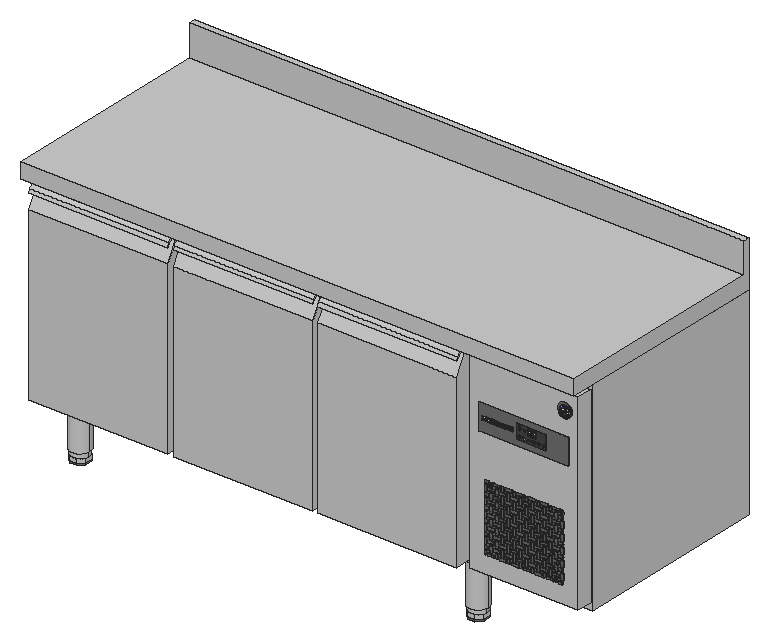
Revit family "QF_HOSHIZAKI_899020844", category Specialty Equipment, Revit 2016 (continued)
Definition of nested family "QF_HOSHIZAKI_ADVANCE_REF-COUNTER-DOORS-DRAWERS"
  Definition of nested family "Left_Door"
    Automatic sketch dimensions
      plane 5 "Front" to Extrusion 2 sketch curve = 6 mm  (x2)
      Extrusion 2 sketch curve to Extrusion 2 sketch curve = 1.798 mm
      plane 5 "Front" to Extrusion 2 sketch curve = 11.222 mm
      Extrusion 2 sketch curve to Extrusion 2 sketch curve = 11.684 mm
      Extrusion 2 sketch curve to Extrusion 2 sketch curve = 18.812 mm
      Extrusion 2 sketch curve to plane 7 "Front door" = 11 mm
      Extrusion 2 sketch curve to plane 10 = 66.98 mm
      Extrusion 2 sketch curve to plane 10 = 20.008 mm
      Extrusion 2 sketch curve to Extrusion 2 sketch curve = 0.877 mm  (x2)
  Definition of nested family "3_Drawers_1-3"
    Parameters (values of type "3 Drawers 1-3")
      Worktop thickness [instance] = 50 mm
      URL = "www.specifiglobal.com"
      Section size [instance] = 446 mm
      Model = ""
      Manufacturer = "DEMO CONSULTANT"
      Legs height [instance] = 150 mm
      Height Actual [instance] = 850 mm
      Description = ""
      Depth Actual [instance] = 700 mm
      Assembly Code = "E1090320"
      3 Drawers = yes
    Reference planes
      plane 1 "Back": y = 0
      plane 2: z = 0
      plane 3 "Left": x = 0
      plane 4 "Right": x = 446
      plane 5 "Front": y = -700
      plane 6 "Top": z = 850
      plane 7 "Front door": y = -633
      plane 8 "Bottom shelf": z = 150
      plane 9 "Worktop bottom": z = 800
      plane 10: z = 784
      plane 11: z = 170
      plane 12: z = 584
      plane 13: z = 577
      plane 14: z = 370
      plane 15: z = 377
      plane 16: z = 580.5
      plane 17: z = 373.5
      plane 18: z = 166.5
      plane 19: z = 787.5
    Forms (mm)
      Extrusion 1, solid, visible <- "3 Drawers"
        sketch origin (860, -633, 4000) x (-1, 0, 0) y (0, 0, 1)
          loop
            line (852, -3224) -> (422, -3224) -> (422, -3408) -> (852, -3408) -> (852, -3224)
          loop
            line (823, -3253) -> (451, -3253) -> (451, -3379) -> (823, -3379) -> (823, -3253)
        from 0 to -11
      Extrusion 2, solid, visible <- "3 Drawers"
        sketch origin (0, 0, 0) x (0, 1, 0) y (0, 0, 1)
          loop
            line (-644, 784) -> (-675.296, 784)
            arc (-675.296, 784) -> (-683.245, 781.721) -> (-688.778, 775.576) r 15
            line (-688.778, 775.576) -> (-694, 764.869) -> (-692.202, 763.992) -> (-686.981, 774.699)
            arc (-686.981, 774.699) -> (-682.185, 780.025) -> (-675.296, 782) r 13
            line (-675.296, 782) -> (-656.484, 782) -> (-694, 717.02) -> (-694, 584) -> (-644, 584) -> (-644, 784)
        from 0 to 446
      Extrusion 3, solid, visible <- "3 Drawers"
        sketch origin (0, 0, -237.3) x (0, 1, 0) y (0, 0, 1)
          loop
            line (-644, 814.3) -> (-675.296, 814.3)
            arc (-675.296, 814.3) -> (-683.245, 812.021) -> (-688.778, 805.876) r 15
            line (-688.778, 805.876) -> (-694, 795.169) -> (-692.202, 794.292) -> (-686.981, 804.999)
            arc (-686.981, 804.999) -> (-682.185, 810.325) -> (-675.296, 812.3) r 13
            line (-675.296, 812.3) -> (-656.484, 812.3) -> (-694, 747.32) -> (-694, 614.3) -> (-644, 614.3) -> (-644, 814.3)
        from 0 to 446
      Extrusion 4, solid, visible <- "3 Drawers"
        sketch origin (0, 0, -463.333) x (0, 1, 0) y (0, 0, 1)
          loop
            line (-644, 833.333) -> (-675.296, 833.333)
            arc (-675.296, 833.333) -> (-683.245, 831.054) -> (-688.778, 824.909) r 15
            line (-688.778, 824.909) -> (-694, 814.202) -> (-692.202, 813.326) -> (-686.981, 824.032)
            arc (-686.981, 824.032) -> (-682.185, 829.358) -> (-675.296, 831.333) r 13
            line (-675.296, 831.333) -> (-656.484, 831.333) -> (-694, 766.353) -> (-694, 633.333) -> (-644, 633.333) -> (-644, 833.333)
        from 0 to 446
      Extrusion 5, solid, visible <- "3 Drawers"
        sketch origin (860, -633, 3773.7) x (-1, 0, 0) y (0, 0, 1)
          loop
            line (852, -3204.7) -> (422, -3204.7) -> (422, -3388.7) -> (852, -3388.7) -> (852, -3204.7)
          loop
            line (823, -3233.7) -> (451, -3233.7) -> (451, -3359.7) -> (823, -3359.7) -> (823, -3233.7)
        from 0 to -11
      Extrusion 6, solid, visible <- "3 Drawers"
        sketch origin (860, -633, 3547) x (-1, 0, 0) y (0, 0, 1)
          loop
            line (852, -3185) -> (422, -3185) -> (422, -3369) -> (852, -3369) -> (852, -3185)
          loop
            line (823, -3214) -> (451, -3214) -> (451, -3340) -> (823, -3340) -> (823, -3214)
        from 0 to -11
      Extrusion 7, solid, visible <- "3 Drawers", detail levels coarse
        sketch origin (0, -608.657, 584) x (0, 1, 0) y (-1, 0, 0)
          loop
            line (-85.343, 0) -> (-551.343, 0) -> (-551.343, -446) -> (-85.343, -446) -> (-85.343, 0)
        from 0 to 200
      Extrusion 8, solid, visible <- "3 Drawers", detail levels coarse
        sketch origin (0, -503.657, 377) x (0, 1, 0) y (-1, 0, 0)
          loop
            line (-190.343, 0) -> (-656.343, 0) -> (-656.343, -446) -> (-190.343, -446) -> (-190.343, 0)
        from 0 to 200
      Extrusion 9, solid, visible <- "3 Drawers", detail levels coarse
        sketch origin (0, -343.657, 170) x (0, 1, 0) y (-1, 0, 0)
          loop
            line (-350.343, 0) -> (-816.343, 0) -> (-816.343, -446) -> (-350.343, -446) -> (-350.343, 0)
        from 0 to 200
    Lines and regions (mm)
      symbolic lines, visible <- "3 Drawers"
        curve 1: line (0, -808, 850) -> (0, -854, 850)
        curve 2: line (0, -854, 850) -> (446, -854, 850)
        curve 3: line (446, -854, 850) -> (446, -808, 850)
        curve 4: line (446, -808, 850) -> (0, -808, 850)
        curve 5: line (416, -808, 850) -> (416, -700, 850)
        curve 6: line (30, -808, 850) -> (30, -700, 850)
        curve 7: line (0, -961, 850) -> (0, -1007, 850)
        curve 8: line (0, -1007, 850) -> (446, -1007, 850)
        curve 9: line (446, -1007, 850) -> (446, -961, 850)
        curve 10: line (446, -961, 850) -> (0, -961, 850)
        curve 11: line (416, -961, 850) -> (416, -854, 850)
        curve 12: line (30, -961, 850) -> (30, -854, 850)
        curve 13: line (0, -1114, 850) -> (0, -1160, 850)
        curve 14: line (0, -1160, 850) -> (446, -1160, 850)
        curve 15: line (446, -1160, 850) -> (446, -1114, 850)
        curve 16: line (446, -1114, 850) -> (0, -1114, 850)
        curve 17: line (416, -1114, 850) -> (416, -1007, 850)
        curve 18: line (30, -1114, 850) -> (30, -1007, 850)
    Dimensions and locks
      "Section size": plane 3 "Left" to plane 4 "Right"
      "Depth Actual": plane 5 "Front" to plane 1 "Back"
      "Height Actual": plane 6 "Top" to level
      locked: plane 7 "Front door" to plane 5 "Front" at 67
      "Legs height": plane 8 "Bottom shelf" to plane 2
      "Worktop thickness": plane 6 "Top" to plane 9 "Worktop bottom"
      locked: plane 11 to plane 8 "Bottom shelf" at 20
      locked: plane 9 "Worktop bottom" to plane 10 at 16
      locked: plane 12 to plane 13 at 7
      locked: plane 15 to plane 14 at 7
      locked: plane 11 to plane 18 at 3.5
      equal spacing: plane 12, plane 16, plane 13
      equal spacing: plane 15, plane 17, plane 14
      locked: plane 19 to plane 10 at 3.5
      equal spacing: plane 19, plane 16, plane 17, plane 18
      aligned and locked: level to plane 2
      aligned and locked: Extrusion 2 to plane 4 "Right"
      aligned and locked: Extrusion 3 to plane 4 "Right"
      aligned and locked: Extrusion 4 to plane 4 "Right"
      aligned and locked: plane 4 "Right" to Extrusion 7 sketch curve
      aligned and locked: plane 3 "Left" to Extrusion 7 sketch curve
      aligned and locked: Extrusion 7 to plane 10
      aligned and locked: Extrusion 8 to plane 13
      aligned and locked: Extrusion 9 to plane 14
      aligned and locked: plane 10 to Extrusion 2 sketch curve
      aligned and locked: Extrusion 2 sketch curve to plane 12
      aligned and locked: Extrusion 3 sketch curve to plane 15
      aligned and locked: plane 13 to Extrusion 3 sketch curve
    Automatic sketch dimensions
      plane 4 "Right" to Extrusion 1 sketch curve = 8 mm
      plane 4 "Right" to Extrusion 1 sketch curve = 37 mm
      plane 3 "Left" to Extrusion 1 sketch curve = 37 mm
      plane 3 "Left" to Extrusion 1 sketch curve = 8 mm
      plane 12 to Extrusion 1 sketch curve = 8 mm
      plane 12 to Extrusion 1 sketch curve = 37 mm
      Extrusion 1 sketch curve to plane 10 = 37 mm
      Extrusion 1 sketch curve to plane 10 = 8 mm
      plane 4 "Right" to Extrusion 5 sketch curve = 8 mm
      plane 4 "Right" to Extrusion 5 sketch curve = 37 mm
      plane 3 "Left" to Extrusion 5 sketch curve = 37 mm
      plane 3 "Left" to Extrusion 5 sketch curve = 8 mm
      plane 15 to Extrusion 5 sketch curve = 8 mm
      plane 15 to Extrusion 5 sketch curve = 37 mm
      Extrusion 5 sketch curve to plane 13 = 37 mm
      Extrusion 5 sketch curve to plane 13 = 8 mm
      plane 4 "Right" to Extrusion 6 sketch curve = 8 mm
      plane 4 "Right" to Extrusion 6 sketch curve = 37 mm
      plane 3 "Left" to Extrusion 6 sketch curve = 37 mm
      plane 3 "Left" to Extrusion 6 sketch curve = 8 mm
      plane 11 to Extrusion 6 sketch curve = 8 mm
      plane 11 to Extrusion 6 sketch curve = 37 mm
      Extrusion 6 sketch curve to plane 14 = 37 mm
      Extrusion 6 sketch curve to plane 14 = 8 mm
      Extrusion 7 sketch curve to plane 5 "Front" = 460 mm
      plane 5 "Front" to Extrusion 7 sketch curve = 6 mm
      Extrusion 8 sketch curve to plane 3 "Left" = 0 mm
      Extrusion 8 sketch curve to plane 4 "Right" = 0 mm
      Extrusion 8 sketch curve to plane 5 "Front" = 460 mm
      plane 5 "Front" to Extrusion 8 sketch curve = 6 mm
      Extrusion 9 sketch curve to plane 3 "Left" = 0 mm
      Extrusion 9 sketch curve to plane 4 "Right" = 0 mm
      Extrusion 9 sketch curve to plane 5 "Front" = 460 mm
      plane 5 "Front" to Extrusion 9 sketch curve = 6 mm
      curve 13 to plane 3 "Left" = 0 mm
      curve 14 to plane 4 "Right" = 0 mm
      curve 7 to plane 3 "Left" = 0 mm
      curve 8 to plane 4 "Right" = 0 mm
      curve 1 to plane 3 "Left" = 0 mm
      curve 3 to plane 4 "Right" = 0 mm
      curve 6 to plane 5 "Front" = 0 mm
      curve 5 to plane 5 "Front" = 0 mm
      curve 1 to plane 5 "Front" = 108 mm
      curve 2 to curve 3 = 46 mm
      curve 7 to curve 1 = 107 mm
      curve 9 to curve 9 = 46 mm
      curve 16 to curve 7 = 107 mm
      curve 14 to curve 13 = 46 mm
      curve 8 to curve 17 = 30 mm
      curve 9 to curve 11 = 30 mm
      curve 3 to curve 5 = 30 mm
      plane 3 "Left" to curve 6 = 30 mm
      plane 3 "Left" to curve 18 = 30 mm
      plane 3 "Left" to curve 12 = 30 mm
      Extrusion 2 sketch curve to Extrusion 2 sketch curve = 0 mm  (x3)
      plane 5 "Front" to Extrusion 2 sketch curve = 6 mm  (x2)
      Extrusion 2 sketch curve to Extrusion 2 sketch curve = 1.798 mm  (x2)
      Extrusion 2 sketch curve to Extrusion 2 sketch curve = 11.684 mm
      plane 5 "Front" to Extrusion 2 sketch curve = 43.516 mm
      plane 5 "Front" to Extrusion 2 sketch curve = 56 mm
      Extrusion 2 sketch curve to plane 10 = 66.98 mm
      Extrusion 3 sketch curve to Extrusion 3 sketch curve = 0 mm  (x4)
      Extrusion 3 sketch curve to Extrusion 3 sketch curve = 1.798 mm  (x2)
      plane 5 "Front" to Extrusion 3 sketch curve = 11.222 mm
      Extrusion 3 sketch curve to Extrusion 3 sketch curve = 18.812 mm
      Extrusion 3 sketch curve to plane 7 "Front door" = 11 mm
      Extrusion 3 sketch curve to Extrusion 3 sketch curve = 46.972 mm
      Extrusion 4 sketch curve to Extrusion 4 sketch curve = 0 mm  (x2)
      Extrusion 4 sketch curve to plane 11 = 0 mm
      Extrusion 4 sketch curve to plane 14 = 0 mm
      Extrusion 4 sketch curve to plane 7 "Front door" = 61 mm  (x2)
      Extrusion 4 sketch curve to Extrusion 4 sketch curve = 1.798 mm  (x2)
      Extrusion 4 sketch curve to plane 14 = 8.424 mm
      Extrusion 4 sketch curve to Extrusion 4 sketch curve = 5.222 mm
      Extrusion 4 sketch curve to plane 14 = 9.301 mm
      Extrusion 4 sketch curve to plane 7 "Front door" = 42.296 mm
      Extrusion 4 sketch curve to plane 7 "Front door" = 23.484 mm
      Extrusion 4 sketch curve to plane 7 "Front door" = 11 mm
      Extrusion 4 sketch curve to Extrusion 4 sketch curve = 46.972 mm
      plane 5 "Front" to Extrusion 2 sketch curve = 11.222 mm
      plane 5 "Front" to Extrusion 3 sketch curve = 7.798 mm
      plane 5 "Front" to Extrusion 3 sketch curve = 6 mm
      Extrusion 3 sketch curve to Extrusion 3 sketch curve = 11.684 mm
      Extrusion 3 sketch curve to Extrusion 3 sketch curve = 66.98 mm
      Extrusion 3 sketch curve to Extrusion 3 sketch curve = 0.877 mm
      Extrusion 2 sketch curve to plane 10 = 20.008 mm
      Extrusion 2 sketch curve to Extrusion 2 sketch curve = 0.877 mm
  Definition of nested family "2_Drawers_1-2"
    Parameters (values of type "2 Drawers 1-2")
      Worktop thickness [instance] = 50 mm
      URL = "www.specifiglobal.com"
      Section size [instance] = 446 mm
      Model = ""
      Manufacturer = "DEMO CONSULTANT"
      Legs height [instance] = 150 mm
      Height Actual [instance] = 850 mm
      Description = ""
      Depth Actual [instance] = 700 mm
      Assembly Code = "E1090320"
      2 Drawers = yes
    Reference planes
      plane 1 "Back": y = 0
      plane 2: z = 0
      plane 3 "Left": x = 0
      plane 4 "Right": x = 446
      plane 5 "Front": y = -700
      plane 6 "Top": z = 850
      plane 7 "Front door": y = -633
      plane 8 "Bottom shelf": z = 150
      plane 9 "Worktop bottom": z = 800
      plane 10: z = 784
      plane 11: z = 170
      plane 12: z = 481
      plane 13: z = 473
      plane 14: z = 477
      plane 15: z = 792
      plane 16: z = 160
    Forms (mm)
      Extrusion 1, solid, visible <- "2 Drawers"
        sketch origin (860, -633, 4000) x (-1, 0, 0) y (0, 0, 1)
          loop
            line (852, -3224) -> (422, -3224) -> (422, -3511) -> (852, -3511) -> (852, -3224)
          loop
            line (823, -3253) -> (451, -3253) -> (451, -3482) -> (823, -3482) -> (823, -3253)
        from 0 to -11
      Extrusion 2, solid, visible <- "2 Drawers"
        sketch origin (0, 0, 0) x (0, 1, 0) y (0, 0, 1)
          loop
            line (-644, 784) -> (-675.296, 784)
            arc (-675.296, 784) -> (-683.245, 781.721) -> (-688.778, 775.576) r 15
            line (-688.778, 775.576) -> (-694, 764.869) -> (-692.202, 763.992) -> (-686.981, 774.699)
            arc (-686.981, 774.699) -> (-682.185, 780.025) -> (-675.296, 782) r 13
            line (-675.296, 782) -> (-656.484, 782) -> (-694, 717.02) -> (-694, 481) -> (-644, 481) -> (-644, 784)
        from 0 to 446
      Extrusion 3, solid, visible <- "2 Drawers"
        sketch origin (0, 0, -463.333) x (0, 1, 0) y (0, 0, 1)
          loop
            line (-644, 936.333) -> (-675.296, 936.333)
            arc (-675.296, 936.333) -> (-683.245, 934.054) -> (-688.778, 927.909) r 15
            line (-688.778, 927.909) -> (-694, 917.202) -> (-692.202, 916.326) -> (-686.981, 927.032)
            arc (-686.981, 927.032) -> (-682.185, 932.358) -> (-675.296, 934.333) r 13
            line (-675.296, 934.333) -> (-656.484, 934.333) -> (-694, 869.353) -> (-694, 633.333) -> (-644, 633.333) -> (-644, 936.333)
        from 0 to 446
      Extrusion 4, solid, visible <- "2 Drawers"
        sketch origin (860, -633, 3547) x (-1, 0, 0) y (0, 0, 1)
          loop
            line (852, -3082) -> (422, -3082) -> (422, -3369) -> (852, -3369) -> (852, -3082)
          loop
            line (823, -3111) -> (451, -3111) -> (451, -3340) -> (823, -3340) -> (823, -3111)
        from 0 to -11
      Extrusion 5, solid, visible <- "2 Drawers", detail levels coarse
        sketch origin (0, -608.657, 481) x (0, 1, 0) y (-1, 0, 0)
          loop
            line (-85.343, 0) -> (-551.343, 0) -> (-551.343, -446) -> (-85.343, -446) -> (-85.343, 0)
        from 0 to 303
      Extrusion 6, solid, visible <- "2 Drawers", detail levels coarse
        sketch origin (0, -343.657, 170) x (0, 1, 0) y (-1, 0, 0)
          loop
            line (-350.343, 0) -> (-816.343, 0) -> (-816.343, -446) -> (-350.343, -446) -> (-350.343, 0)
        from 0 to 303
    Lines and regions (mm)
      symbolic lines, visible <- "2 Drawers"
        curve 1: line (0, -884, 850) -> (0, -930, 850)
        curve 2: line (0, -930, 850) -> (446, -930, 850)
        curve 3: line (446, -930, 850) -> (446, -884, 850)
        curve 4: line (446, -884, 850) -> (0, -884, 850)
        curve 5: line (416, -884, 850) -> (416, -700, 850)
        curve 6: line (30, -884, 850) -> (30, -700, 850)
        curve 7: line (0, -1114, 850) -> (0, -1160, 850)
        curve 8: line (0, -1160, 850) -> (446, -1160, 850)
        curve 9: line (446, -1160, 850) -> (446, -1114, 850)
        curve 10: line (446, -1114, 850) -> (0, -1114, 850)
        curve 11: line (416, -1114, 850) -> (416, -930, 850)
        curve 12: line (30, -1114, 850) -> (30, -930, 850)
    Dimensions and locks
      "Section size": plane 3 "Left" to plane 4 "Right"
      "Depth Actual": plane 5 "Front" to plane 1 "Back"
      "Height Actual": plane 6 "Top" to level
      locked: plane 7 "Front door" to plane 5 "Front" at 67
      "Legs height": plane 8 "Bottom shelf" to plane 2
      "Worktop thickness": plane 6 "Top" to plane 9 "Worktop bottom"
      locked: plane 11 to plane 8 "Bottom shelf" at 20
      locked: plane 9 "Worktop bottom" to plane 10 at 16
      equal spacing: plane 9 "Worktop bottom", plane 15, plane 10
      equal spacing: plane 11, plane 16, plane 8 "Bottom shelf"
      plane 12 to plane 13 = 8 mm
      equal spacing: plane 12, plane 14, plane 13
      equal spacing: plane 10, plane 14, plane 11
      aligned and locked: level to plane 2
      aligned and locked: Extrusion 2 to plane 4 "Right"
      aligned and locked: Extrusion 3 to plane 4 "Right"
      aligned and locked: plane 4 "Right" to Extrusion 5 sketch curve
      aligned and locked: plane 3 "Left" to Extrusion 5 sketch curve
      aligned and locked: Extrusion 5 to plane 10
      aligned and locked: Extrusion 6 to plane 13
      aligned and locked: Extrusion 2 sketch curve to plane 12
      aligned and locked: plane 10 to Extrusion 2 sketch curve
      aligned and locked: Extrusion 3 sketch curve to plane 11
      aligned and locked: plane 13 to Extrusion 3 sketch curve
    Automatic sketch dimensions
      plane 4 "Right" to Extrusion 1 sketch curve = 8 mm
      plane 4 "Right" to Extrusion 1 sketch curve = 37 mm
      plane 3 "Left" to Extrusion 1 sketch curve = 37 mm
      plane 3 "Left" to Extrusion 1 sketch curve = 8 mm
      plane 12 to Extrusion 1 sketch curve = 8 mm
      plane 12 to Extrusion 1 sketch curve = 37 mm
      Extrusion 1 sketch curve to plane 10 = 37 mm
      Extrusion 1 sketch curve to plane 10 = 8 mm
      plane 4 "Right" to Extrusion 4 sketch curve = 8 mm
      plane 4 "Right" to Extrusion 4 sketch curve = 37 mm
      plane 3 "Left" to Extrusion 4 sketch curve = 37 mm
      plane 3 "Left" to Extrusion 4 sketch curve = 8 mm
      plane 11 to Extrusion 4 sketch curve = 8 mm
      plane 11 to Extrusion 4 sketch curve = 37 mm
      Extrusion 4 sketch curve to plane 13 = 37 mm
      Extrusion 4 sketch curve to plane 13 = 8 mm
      Extrusion 5 sketch curve to plane 5 "Front" = 460 mm
      plane 5 "Front" to Extrusion 5 sketch curve = 6 mm
      Extrusion 6 sketch curve to plane 3 "Left" = 0 mm
      Extrusion 6 sketch curve to plane 4 "Right" = 0 mm
      Extrusion 6 sketch curve to plane 5 "Front" = 460 mm
      plane 5 "Front" to Extrusion 6 sketch curve = 6 mm
      curve 8 to plane 3 "Left" = 0 mm
      curve 8 to plane 4 "Right" = 0 mm
      curve 3 to plane 4 "Right" = 0 mm
      curve 1 to plane 3 "Left" = 0 mm
      curve 5 to plane 5 "Front" = 0 mm
      curve 6 to plane 5 "Front" = 0 mm
      curve 4 to plane 5 "Front" = 184 mm
      curve 2 to curve 1 = 46 mm
      curve 7 to curve 1 = 184 mm
      curve 9 to curve 9 = 46 mm
      plane 4 "Right" to curve 5 = 30 mm
      plane 4 "Right" to curve 11 = 30 mm
      plane 3 "Left" to curve 12 = 30 mm
      plane 3 "Left" to curve 6 = 30 mm
      Extrusion 2 sketch curve to Extrusion 2 sketch curve = 0 mm  (x2)
      plane 5 "Front" to Extrusion 2 sketch curve = 6 mm  (x2)
      Extrusion 2 sketch curve to Extrusion 2 sketch curve = 1.798 mm  (x2)
      Extrusion 2 sketch curve to Extrusion 2 sketch curve = 5.222 mm
      plane 5 "Front" to Extrusion 2 sketch curve = 24.704 mm
      plane 5 "Front" to Extrusion 2 sketch curve = 43.516 mm
      plane 5 "Front" to Extrusion 2 sketch curve = 56 mm
      Extrusion 2 sketch curve to Extrusion 2 sketch curve = 46.972 mm
      Extrusion 2 sketch curve to Extrusion 2 sketch curve = 0.877 mm
      Extrusion 2 sketch curve to Extrusion 2 sketch curve = 5.699 mm
      plane 5 "Front" to Extrusion 3 sketch curve = 6 mm  (x2)
      Extrusion 3 sketch curve to Extrusion 3 sketch curve = 1.798 mm  (x2)
      Extrusion 3 sketch curve to Extrusion 3 sketch curve = 5.222 mm
      Extrusion 3 sketch curve to Extrusion 3 sketch curve = 11.684 mm
      plane 5 "Front" to Extrusion 3 sketch curve = 43.516 mm
      plane 5 "Front" to Extrusion 3 sketch curve = 56 mm
      Extrusion 3 sketch curve to Extrusion 3 sketch curve = 46.972 mm
      Extrusion 3 sketch curve to Extrusion 3 sketch curve = 0 mm  (x2)
      Extrusion 3 sketch curve to Extrusion 3 sketch curve = 5.699 mm
      Extrusion 3 sketch curve to Extrusion 3 sketch curve = 0.877 mm
  Definition of nested family "3_Drawers_1-3_2-3"
    Parameters (values of type "2 Drawers 1-3 and 2-3")
      Worktop thickness [instance] = 40 mm
      URL = "www.specifiglobal.com"
      Section size [instance] = 421 mm
      Model = ""
      Manufacturer = "DEMO CONSULTANT"
      Legs height [instance] = 150 mm
      Height Actual [instance] = 900 mm
      Description = ""
      Depth Actual [instance] = 700 mm
      Assembly Code = "E1090320"
      2 Drawers 1-3 and 2-3 = yes
    Reference planes
      plane 1 "Back": y = 0
      plane 2: z = 0
      plane 3 "Left": x = 0
      plane 4 "Right": x = 421
      plane 5 "Front": y = -700
      plane 6 "Top": z = 900
      plane 7 "Front door": y = -633
      plane 8 "Bottom shelf": z = 150
      plane 9 "Worktop bottom": z = 860
      plane 10: z = 841
      plane 11: z = 186
      plane 12: z = 627
      plane 13: z = 620
      plane 14: z = 623.5
      plane 15: z = 850.5
      plane 16: z = 168
    Forms (mm)
      Extrusion 1, solid, visible <- "2 Drawers 1-3 and 2-3"
        sketch origin (860, -633, 4000) x (-1, 0, 0) y (0, 0, 1)
          loop
            line (852, -3167) -> (447, -3167) -> (447, -3365) -> (852, -3365) -> (852, -3167)
          loop
            line (823, -3196) -> (476, -3196) -> (476, -3336) -> (823, -3336) -> (823, -3196)
        from 0 to -11
      Extrusion 2, solid, visible <- "2 Drawers 1-3 and 2-3"
        sketch origin (0, 0, 0) x (0, 1, 0) y (0, 0, 1)
          loop
            line (-644, 841) -> (-675.296, 841)
            arc (-675.296, 841) -> (-683.245, 838.721) -> (-688.778, 832.576) r 15
            line (-688.778, 832.576) -> (-694, 821.869) -> (-692.202, 820.992) -> (-686.981, 831.699)
            arc (-686.981, 831.699) -> (-682.185, 837.025) -> (-675.296, 839) r 13
            line (-675.296, 839) -> (-656.484, 839) -> (-694, 774.02) -> (-694, 627) -> (-644, 627) -> (-644, 841)
        from 0 to 421
      Extrusion 3, solid, visible <- "2 Drawers 1-3 and 2-3"
        sketch origin (0, 0, -463.333) x (0, 1, 0) y (0, 0, 1)
          loop
            line (-644, 1083.333) -> (-675.296, 1083.333)
            arc (-675.296, 1083.333) -> (-683.245, 1081.054) -> (-688.778, 1074.909) r 15
            line (-688.778, 1074.909) -> (-694, 1064.202) -> (-692.202, 1063.326) -> (-686.981, 1074.032)
            arc (-686.981, 1074.032) -> (-682.185, 1079.358) -> (-675.296, 1081.333) r 13
            line (-675.296, 1081.333) -> (-656.484, 1081.333) -> (-694, 1016.353) -> (-694, 649.333) -> (-644, 649.333) -> (-644, 1083.333)
        from 0 to 421
      Extrusion 4, solid, visible <- "2 Drawers 1-3 and 2-3"
        sketch origin (860, -633, 3547) x (-1, 0, 0) y (0, 0, 1)
          loop
            line (852, -2935) -> (447, -2935) -> (447, -3353) -> (852, -3353) -> (852, -2935)
          loop
            line (823, -2964) -> (476, -2964) -> (476, -3324) -> (823, -3324) -> (823, -2964)
        from 0 to -11
      Extrusion 5, solid, visible <- "2 Drawers 1-3 and 2-3", detail levels coarse
        sketch origin (0, -608.657, 627) x (0, 1, 0) y (-1, 0, 0)
          loop
            line (-85.343, 0) -> (-551.343, 0) -> (-551.343, -421) -> (-85.343, -421) -> (-85.343, 0)
        from 0 to 214
      Extrusion 6, solid, visible <- "2 Drawers 1-3 and 2-3", detail levels coarse
        sketch origin (0, -343.657, 186) x (0, 1, 0) y (-1, 0, 0)
          loop
            line (-350.343, 0) -> (-816.343, 0) -> (-816.343, -421) -> (-350.343, -421) -> (-350.343, 0)
        from 0 to 434
    Lines and regions (mm)
      symbolic lines, visible <- "2 Drawers 1-3 and 2-3"
        curve 1: line (0, -804, 900) -> (0, -850, 900)
        curve 2: line (0, -850, 900) -> (421, -850, 900)
        curve 3: line (421, -850, 900) -> (421, -804, 900)
        curve 4: line (421, -804, 900) -> (0, -804, 900)
        curve 5: line (391, -804, 900) -> (391, -700, 900)
        curve 6: line (30, -804, 900) -> (30, -700, 900)
        curve 7: line (0, -1114, 900) -> (0, -1160, 900)
        curve 8: line (0, -1160, 900) -> (421, -1160, 900)
        curve 9: line (421, -1160, 900) -> (421, -1114, 900)
        curve 10: line (421, -1114, 900) -> (0, -1114, 900)
        curve 11: line (391, -1114, 900) -> (391, -850, 900)
        curve 12: line (30, -1114, 900) -> (30, -850, 900)
    Dimensions and locks
      "Section size": plane 3 "Left" to plane 4 "Right"
      "Depth Actual": plane 5 "Front" to plane 1 "Back"
      "Height Actual": plane 6 "Top" to level
      locked: plane 7 "Front door" to plane 5 "Front" at 67
      "Legs height": plane 8 "Bottom shelf" to plane 2
      "Worktop thickness": plane 6 "Top" to plane 9 "Worktop bottom"
      locked: plane 11 to plane 8 "Bottom shelf" at 36
      locked: plane 9 "Worktop bottom" to plane 10 at 19
      locked: plane 12 to plane 13 at 7
      equal spacing: plane 9 "Worktop bottom", plane 15, plane 10
      equal spacing: plane 11, plane 16, plane 8 "Bottom shelf"
      locked: Extrusion 4 sketch curve to plane 13 at 37
      locked: Extrusion 4 sketch curve to plane 13 at 8
      equal spacing: plane 12, plane 14, plane 13
      locked: plane 10 to plane 12 at 214
      aligned and locked: level to plane 2
      aligned and locked: Extrusion 2 to plane 4 "Right"
      aligned and locked: Extrusion 3 to plane 4 "Right"
      aligned and locked: plane 4 "Right" to Extrusion 5 sketch curve
      aligned and locked: plane 3 "Left" to Extrusion 5 sketch curve
      aligned and locked: Extrusion 5 to plane 10
      aligned and locked: Extrusion 6 to plane 13
      aligned and locked: plane 10 to Extrusion 2 sketch curve
      aligned and locked: Extrusion 2 sketch curve to plane 12
      aligned and locked: Extrusion 3 sketch curve to plane 11
      aligned and locked: plane 13 to Extrusion 3 sketch curve
    Automatic sketch dimensions
      plane 4 "Right" to Extrusion 1 sketch curve = 8 mm
      plane 4 "Right" to Extrusion 1 sketch curve = 37 mm
      plane 3 "Left" to Extrusion 1 sketch curve = 37 mm
      plane 3 "Left" to Extrusion 1 sketch curve = 8 mm
      plane 12 to Extrusion 1 sketch curve = 8 mm
      plane 12 to Extrusion 1 sketch curve = 37 mm
      Extrusion 1 sketch curve to plane 10 = 37 mm
      Extrusion 1 sketch curve to plane 10 = 8 mm
      plane 4 "Right" to Extrusion 4 sketch curve = 8 mm
      plane 4 "Right" to Extrusion 4 sketch curve = 37 mm
      plane 3 "Left" to Extrusion 4 sketch curve = 37 mm
      plane 3 "Left" to Extrusion 4 sketch curve = 8 mm
      plane 11 to Extrusion 4 sketch curve = 8 mm
      plane 11 to Extrusion 4 sketch curve = 37 mm
      Extrusion 5 sketch curve to plane 5 "Front" = 460 mm
      plane 5 "Front" to Extrusion 5 sketch curve = 6 mm
      Extrusion 6 sketch curve to plane 3 "Left" = 0 mm
      Extrusion 6 sketch curve to plane 4 "Right" = 0 mm
      Extrusion 6 sketch curve to plane 5 "Front" = 460 mm
      plane 5 "Front" to Extrusion 6 sketch curve = 6 mm
      curve 8 to plane 3 "Left" = 0 mm
      curve 8 to plane 4 "Right" = 0 mm
      curve 3 to plane 4 "Right" = 0 mm
      curve 1 to plane 3 "Left" = 0 mm
      curve 5 to plane 5 "Front" = 0 mm
      curve 6 to plane 5 "Front" = 0 mm
      curve 4 to plane 5 "Front" = 104 mm
      curve 2 to curve 1 = 46 mm
      curve 7 to curve 1 = 264 mm
      curve 9 to curve 9 = 46 mm
      curve 3 to curve 5 = 30 mm
      plane 4 "Right" to curve 11 = 30 mm
      plane 3 "Left" to curve 12 = 30 mm
      plane 3 "Left" to curve 6 = 30 mm
      Extrusion 2 sketch curve to Extrusion 2 sketch curve = 0 mm  (x2)
      Extrusion 2 sketch curve to plane 7 "Front door" = 61 mm  (x2)
      Extrusion 2 sketch curve to Extrusion 2 sketch curve = 1.798 mm  (x2)
      Extrusion 2 sketch curve to Extrusion 2 sketch curve = 5.222 mm
      Extrusion 2 sketch curve to Extrusion 2 sketch curve = 11.684 mm
      Extrusion 2 sketch curve to Extrusion 2 sketch curve = 18.812 mm
      Extrusion 2 sketch curve to Extrusion 2 sketch curve = 50 mm
      Extrusion 2 sketch curve to Extrusion 2 sketch curve = 46.972 mm
      Extrusion 2 sketch curve to Extrusion 2 sketch curve = 0.877 mm
      Extrusion 2 sketch curve to Extrusion 2 sketch curve = 5.699 mm
      Extrusion 3 sketch curve to Extrusion 3 sketch curve = 0 mm  (x2)
      plane 5 "Front" to Extrusion 3 sketch curve = 6 mm  (x2)
      Extrusion 3 sketch curve to Extrusion 3 sketch curve = 1.798 mm  (x2)
      plane 5 "Front" to Extrusion 3 sketch curve = 11.222 mm
      Extrusion 3 sketch curve to Extrusion 3 sketch curve = 11.684 mm
      Extrusion 3 sketch curve to Extrusion 3 sketch curve = 18.812 mm
      Extrusion 3 sketch curve to plane 7 "Front door" = 11 mm
      Extrusion 3 sketch curve to Extrusion 3 sketch curve = 57.679 mm
      Extrusion 3 sketch curve to Extrusion 3 sketch curve = 10.706 mm
      Extrusion 3 sketch curve to Extrusion 3 sketch curve = 5.699 mm
  Definition of nested family "Right_Glass_Door"
    Parameters (values of type "Right glass door")
      Worktop thickness [instance] = 40 mm
      URL = "www.specifiglobal.com"
      Section size [instance] = 421 mm
      Right hand hinged glass door = yes
      Model = ""
      Manufacturer = "DEMO CONSULTANT"
      Legs height [instance] = 150 mm
      Height Actual [instance] = 900 mm
      Description = ""
      Depth Actual [instance] = 700 mm
      Assembly Code = "E1090320"
    Reference planes
      plane 1 "Back": y = 0
      plane 2: z = 0
      plane 3 "Left": x = 0
      plane 4 "Right": x = 421
      plane 5 "Front": y = -700
      plane 6 "Top": z = 900
      plane 7 "Front door": y = -633
      plane 8 "Bottom shelf": z = 150
      plane 9 "Worktop bottom": z = 860
      plane 10: z = 841
      plane 11: z = 186
    Forms (mm)
      Extrusion 1, solid, visible <- "Right hand hinged glass door", detail levels coarse
        sketch origin (0, -608.657, 186) x (0, 1, 0) y (-1, 0, 0)
          loop
            arc (-85.343, 0) -> (-383.035, -123.308) -> (-506.343, -421) r 421
            line (-506.343, -421) -> (-85.343, -421) -> (-85.343, 0)
        from 0 to 655
      Extrusion 2, solid, visible <- "Right hand hinged glass door"
        sketch origin (860, -633, 4000) x (-1, 0, 0) y (0, 0, 1)
          loop
            line (852, -3167) -> (447, -3167) -> (447, -3806) -> (852, -3806) -> (852, -3167)
          loop
            line (823, -3196) -> (476, -3196) -> (476, -3777) -> (823, -3777) -> (823, -3196)
        from 0 to -11
      Extrusion 3, solid, visible <- "Right hand hinged glass door"
        sketch origin (0, -633, 0) x (-1, 0, 0) y (0, 0, 1)
          loop
            line (0, 841) -> (-421, 841) -> (-421, 186) -> (0, 186) -> (0, 841)
          loop
            line (-50, 791) -> (-371, 791) -> (-371, 236) -> (-50, 236) -> (-50, 791)
        from -11 to -61
      Extrusion 4, solid, visible <- "Right hand hinged glass door"
        sketch origin (0, -633, 0) x (-1, 0, 0) y (0, 0, 1)
          loop
            line (-50, 791) -> (-371, 791) -> (-371, 236) -> (-50, 236) -> (-50, 791)
        from -51 to -61
    Lines and regions (mm)
      symbolic lines, visible <- "Right hand hinged glass door"
        curve 1: line (421, -700, 900) -> (421, -1115, 900)
        curve 2: arc (0.043, -700, 900) -> (125.437, -993.806, 900) -> (421, -1115, 900) r 421
    Dimensions and locks
      "Section size": plane 3 "Left" to plane 4 "Right"
      "Depth Actual": plane 5 "Front" to plane 1 "Back"
      "Height Actual": plane 6 "Top" to level
      locked: plane 7 "Front door" to plane 5 "Front" at 67
      "Legs height": plane 8 "Bottom shelf" to plane 2
      "Worktop thickness": plane 6 "Top" to plane 9 "Worktop bottom"
      locked: plane 11 to plane 8 "Bottom shelf" at 36
      locked: plane 9 "Worktop bottom" to plane 10 at 19
      locked: plane 11 to Extrusion 4 sketch curve at 50
      locked: Extrusion 4 sketch curve to plane 3 "Left" at 50
      locked: Extrusion 4 sketch curve to plane 10 at 50
      locked: plane 4 "Right" to Extrusion 4 sketch curve at 50
      aligned and locked: level to plane 2
      aligned and locked: Extrusion 1 to plane 10
      aligned and locked: Extrusion 3 sketch curve to Extrusion 1  (x2)
      aligned and locked: curve 2 to Extrusion 1
    Automatic sketch dimensions
      plane 4 "Right" to Extrusion 2 sketch curve = 8 mm
      plane 4 "Right" to Extrusion 2 sketch curve = 37 mm
      plane 3 "Left" to Extrusion 2 sketch curve = 37 mm
      plane 3 "Left" to Extrusion 2 sketch curve = 8 mm
      plane 11 to Extrusion 2 sketch curve = 8 mm
      plane 11 to Extrusion 2 sketch curve = 37 mm
      Extrusion 2 sketch curve to plane 10 = 37 mm
      Extrusion 2 sketch curve to plane 10 = 8 mm
      plane 4 "Right" to Extrusion 3 sketch curve = 50 mm
      plane 3 "Left" to Extrusion 3 sketch curve = 50 mm
      plane 11 to Extrusion 3 sketch curve = 50 mm
      Extrusion 3 sketch curve to plane 10 = 50 mm
      Extrusion 1 sketch curve to plane 4 "Right" = 0 mm
      Extrusion 1 sketch curve to plane 3 "Left" = 0 mm
      plane 5 "Front" to Extrusion 1 sketch curve = 6 mm
      plane 4 "Right" to Extrusion 3 sketch curve = 0 mm
      Extrusion 3 sketch curve to plane 3 "Left" = 0 mm
      curve 1 to plane 5 "Front" = 0 mm
      curve 2 to plane 5 "Front" = 0 mm
  Definition of nested family "Left_Glass_Door"
    Parameters (values of type "Left glass door")
      Worktop thickness [instance] = 40 mm
      URL = "www.specifiglobal.com"
      Section size [instance] = 421 mm
      Model = ""
      Manufacturer = "DEMO CONSULTANT"
      Legs height [instance] = 150 mm
      Left hand hinged glass door = yes
      Height Actual [instance] = 900 mm
      Description = ""
      Depth Actual [instance] = 700 mm
      Assembly Code = "E1090320"
    Reference planes
      plane 1 "Back": y = 0
      plane 2: z = 0
      plane 3 "Left": x = 0
      plane 4 "Right": x = 421
      plane 5 "Front": y = -700
      plane 6 "Top": z = 900
      plane 7 "Front door": y = -633
      plane 8 "Bottom shelf": z = 150
      plane 9 "Worktop bottom": z = 860
      plane 10: z = 841
      plane 11: z = 186
    Forms (mm)
      Extrusion 1, solid, visible <- "Left hand hinged glass door"
        sketch origin (860, -633, 4000) x (-1, 0, 0) y (0, 0, 1)
          loop
            line (852, -3167) -> (447, -3167) -> (447, -3806) -> (852, -3806) -> (852, -3167)
          loop
            line (823, -3196) -> (476, -3196) -> (476, -3777) -> (823, -3777) -> (823, -3196)
        from 0 to -11
      Extrusion 2, solid, visible <- "Left hand hinged glass door"
        sketch origin (0, -633, 0) x (-1, 0, 0) y (0, 0, 1)
          loop
            line (0, 841) -> (-421, 841) -> (-421, 186) -> (0, 186) -> (0, 841)
          loop
            line (-50, 791) -> (-371, 791) -> (-371, 236) -> (-50, 236) -> (-50, 791)
        from -11 to -61
      Extrusion 3, solid, visible <- "Left hand hinged glass door"
        sketch origin (0, -633, 0) x (-1, 0, 0) y (0, 0, 1)
          loop
            line (-50, 791) -> (-371, 791) -> (-371, 236) -> (-50, 236) -> (-50, 791)
        from -51 to -61
      Extrusion 4, solid, visible <- "Left hand hinged glass door", detail levels coarse
        sketch origin (0, -608.657, 186) x (0, 1, 0) y (-1, 0, 0)
          loop
            line (-85.343, 0) -> (-506.343, 0)
            arc (-506.343, 0) -> (-383.035, -297.692) -> (-85.343, -421) r 421
            line (-85.343, -421) -> (-85.343, 0)
        from 0 to 655
    Lines and regions (mm)
      symbolic lines, visible <- "Left hand hinged glass door"
        curve 1: line (0, -700, 900) -> (0, -1115, 900)
        curve 2: arc (0, -1115, 900) -> (295.563, -993.806, 900) -> (420.957, -700, 900) r 421
    Dimensions and locks
      "Section size": plane 3 "Left" to plane 4 "Right"
      "Depth Actual": plane 5 "Front" to plane 1 "Back"
      "Height Actual": plane 6 "Top" to level
      locked: plane 7 "Front door" to plane 5 "Front" at 67
      "Legs height": plane 8 "Bottom shelf" to plane 2
      "Worktop thickness": plane 6 "Top" to plane 9 "Worktop bottom"
      locked: plane 11 to plane 8 "Bottom shelf" at 36
      locked: plane 9 "Worktop bottom" to plane 10 at 19
      aligned and locked: level to plane 2
      aligned and locked: Extrusion 4 to plane 10
      aligned and locked: Extrusion 4 to curve 1
      aligned and locked: curve 2 to Extrusion 4
    Automatic sketch dimensions
      plane 4 "Right" to Extrusion 1 sketch curve = 8 mm
      plane 4 "Right" to Extrusion 1 sketch curve = 37 mm
      plane 3 "Left" to Extrusion 1 sketch curve = 37 mm
      plane 3 "Left" to Extrusion 1 sketch curve = 8 mm
      plane 11 to Extrusion 1 sketch curve = 8 mm
      plane 11 to Extrusion 1 sketch curve = 37 mm
      Extrusion 1 sketch curve to plane 10 = 37 mm
      Extrusion 1 sketch curve to plane 10 = 8 mm
      plane 4 "Right" to Extrusion 2 sketch curve = 0 mm
      Extrusion 2 sketch curve to plane 3 "Left" = 0 mm
      Extrusion 2 sketch curve to plane 11 = 0 mm
      Extrusion 2 sketch curve to plane 10 = 0 mm
      plane 4 "Right" to Extrusion 2 sketch curve = 50 mm
      plane 3 "Left" to Extrusion 2 sketch curve = 50 mm
      plane 11 to Extrusion 2 sketch curve = 50 mm
      Extrusion 2 sketch curve to plane 10 = 50 mm
      plane 4 "Right" to Extrusion 3 sketch curve = 50 mm
      plane 3 "Left" to Extrusion 3 sketch curve = 50 mm
      plane 11 to Extrusion 3 sketch curve = 50 mm
      Extrusion 3 sketch curve to plane 10 = 50 mm
      Extrusion 4 sketch curve to plane 3 "Left" = 0 mm
      Extrusion 4 sketch curve to plane 4 "Right" = 0 mm
      plane 5 "Front" to Extrusion 4 sketch curve = 6 mm
      curve 1 to plane 5 "Front" = 0 mm
      curve 2 to plane 5 "Front" = 0 mm
Definition of nested family "QF_HOSHIZAKI_ADVANCE_REF-COUNTER-LEGS"
  Parameters (values of type "760660117-3")
    Weight [instance] = 0.00 kg
    URL Cutsheet [instance] = ""
    URL = "www.hoshizaki-europe.com"
    Status [instance] = ""
    Specification by User [instance] = ""
    Specification by Manufacturer [instance] = ""
    Serial Number [instance] = ""
    Seismic Rating [instance] = ""
    SMACNA No [instance] = ""
    Revision Code [instance] = ""
    NAFEM Spec ID Number [instance] = ""
    Model = "L1"
    Masterspec [instance] = ""
    Manufacturer = "HOSHIZAKI"
    Length Actual [instance] = 1780 mm
    Legs visibility = yes
    Legs inset right [instance] = 430 mm
    Legs inset rear [instance] = 70 mm
    Legs inset left [instance] = 70 mm
    Legs inset front [instance] = 153 mm
    Item Number [instance] = ""
    Installed By [instance] = ""
    Identify Quantity as Lot [instance] = no
    Height Actual [instance] = 200 mm
    Furnished By [instance] = ""
    Foodservice Equipment Identifier [instance] = no
    Description = "SET OF LEGS 135-200MM FOR ADVANCE COUNTER - 3 SECTIONS"
    Depth Actual [instance] = 700 mm
    Cost = 0
    Central Legs [instance] = if(Length Actual > 2300 mm, 2 > 1, 2 < 1)  # no
    CSI MasterFormat [instance] = ""
    Assembly Code = "E1090320"
    Accessory [instance] = yes
  Reference planes
    plane 1 "Back": y = 0
    plane 2: z = 0
    plane 3 "Left": x = 0
    plane 4 "Right": x = 1780
    plane 5 "Front": y = -700
    plane 6 "Top": z = 200
    plane 7 "Left offset": x = 70
    plane 8 "Right offset": x = 1350
    plane 9 "Rear offset": y = -70
    plane 10 "Front offset": y = -547
    plane 11 "Central": x = 710
  Dimensions and locks
    "Length Actual": plane 3 "Left" to plane 4 "Right"
    "Depth Actual": plane 5 "Front" to plane 1 "Back"
    "Legs inset left": plane 3 "Left" to plane 7 "Left offset"
    "Legs inset right": plane 8 "Right offset" to plane 4 "Right"
    "Legs inset rear": plane 9 "Rear offset" to plane 1 "Back"
    "Legs inset front": plane 10 "Front offset" to plane 5 "Front"
    "Height Actual": plane 6 "Top" to plane 2
    equal spacing: plane 7 "Left offset", plane 11 "Central", plane 8 "Right offset"
    aligned and locked: level to plane 2
    aligned and locked: nested 1 to plane 9 "Rear offset"
    aligned and locked: nested 2 to plane 9 "Rear offset"
    aligned and locked: nested 1 to plane 7 "Left offset"
    aligned and locked: nested 2 to plane 8 "Right offset"
    aligned and locked: nested 3 to plane 10 "Front offset"
    aligned and locked: nested 4 to plane 10 "Front offset"
    aligned and locked: nested 3 to plane 7 "Left offset"
    aligned and locked: nested 4 to plane 8 "Right offset"
    aligned and locked: nested 6 to plane 11 "Central"
    aligned and locked: nested 5 to plane 11 "Central"
    aligned and locked: nested 5 to plane 9 "Rear offset"
    aligned and locked: nested 6 to plane 10 "Front offset"
  Nested families
    nested 1: "LEGS" at (70, -70, 0), visible <- "Legs visibility", type "LEG"
    nested 2: "LEGS" at (1350, -70, 0), visible <- "Legs visibility", type "LEG"
    nested 3: "LEGS" at (70, -547, 0), visible <- "Legs visibility", type "LEG"
    nested 4: "LEGS" at (1350, -547, 0), visible <- "Legs visibility", type "LEG"
    nested 5: "LEGS" at (710, -70, 0), visible <- "Central Legs", type "LEG"
    nested 6: "LEGS" at (710, -547, 0), visible <- "Central Legs", type "LEG"
  Definition of nested family "LEGS"
    Parameters (values of type "LEG")
      Legs visibility = yes
      Legs height = 150 mm
    Reference planes
      plane 1 "Center (Front/Back)": y = 0
      plane 2: z = 0
      plane 3 "Center (Left/Right)": x = 0
      plane 4 "Top": z = 150
    Forms (mm)
      Extrusion 1, solid, visible <- "Legs visibility"
        sketch origin (0, 0, 150) x (0, 1, 0) y (-1, 0, 0)
          loop
            line (40, 40) -> (-40, 40) -> (-40, -40) -> (40, -40) -> (40, 40)
        from 0 to -3
      Extrusion 2, solid, visible <- "Legs visibility"
        sketch origin (-199.986, 580, 0) x (1, 0, 0) y (0, 1, 0)
          loop
            circle (199.986, -580) r 28
        from 17.959 to 35
      Extrusion 3, solid, visible <- "Legs visibility"
        sketch origin (-199.986, 580, 0) x (1, 0, 0) y (0, 1, 0)
          loop
            line (171.486, -591.805) -> (188.181, -608.5) -> (211.791, -608.5) -> (228.486, -591.805) -> (228.486, -568.195) -> (211.791, -551.5) -> (188.181, -551.5) -> (171.486, -568.195) -> (171.486, -591.805)
        from 0 to 5
      Sweep 4, solid, visible <- "Legs visibility"
        path origin (0, 0, 0) x (0, 1, 0) y (0, 0, 1)
          loop
            line (0, 147) -> (0, 35)
        profile origin (0, 0, 91) x (1, 0, 0) y (0, 1, 0)
          loop
            circle (0, 0) r 32
      Extrusion 5, solid, visible <- "Legs visibility"
        sketch origin (-199.986, 580, 0) x (1, 0, 0) y (0, 1, 0)
          loop
            line (188.388, -552) -> (171.986, -568.402) -> (171.986, -591.598) -> (188.388, -608) -> (211.584, -608) -> (227.986, -591.598) -> (227.986, -568.402) -> (211.584, -552) -> (188.388, -552)
        from 5 to 17.959
    Dimensions and locks
      "Legs height": plane 4 "Top" to plane 2
      aligned and locked: level to plane 2
    Automatic sketch dimensions
      plane 1 "Center (Front/Back)" to Extrusion 1 sketch curve = 40 mm
      Extrusion 1 sketch curve to plane 1 "Center (Front/Back)" = 40 mm
      plane 3 "Center (Left/Right)" to Extrusion 1 sketch curve = 40 mm
      Extrusion 1 sketch curve to plane 3 "Center (Left/Right)" = 40 mm
      plane 1 "Center (Front/Back)" to Extrusion 2 sketch curve = 0 mm
      Extrusion 2 sketch curve to plane 3 "Center (Left/Right)" = 0 mm
      plane 1 "Center (Front/Back)" to Extrusion 3 sketch curve = 11.805 mm  (x2)
      Extrusion 3 sketch curve to plane 3 "Center (Left/Right)" = 28.5 mm
      Extrusion 3 sketch curve to plane 3 "Center (Left/Right)" = 11.805 mm  (x2)
      plane 3 "Center (Left/Right)" to Extrusion 3 sketch curve = 11.805 mm  (x2)
      Extrusion 3 sketch curve to Extrusion 3 sketch curve = 16.695 mm  (x3)
      Extrusion 3 sketch curve to plane 1 "Center (Front/Back)" = 11.805 mm  (x2)
      Sweep 4 sketch curve to plane 1 "Center (Front/Back)" = 0 mm
      level to Sweep 4 sketch curve = 35 mm
      Sweep 4 sketch curve to plane 4 "Top" = 3 mm
      Sweep 4 sketch curve to plane 3 "Center (Left/Right)" = 0 mm
      profile plane to Sweep 4 sketch curve = 0 mm
      Extrusion 5 sketch curve to plane 3 "Center (Left/Right)" = 11.598 mm  (x2)
      plane 1 "Center (Front/Back)" to Extrusion 5 sketch curve = 11.598 mm  (x2)
      Extrusion 5 sketch curve to Extrusion 5 sketch curve = 16.402 mm  (x3)
      plane 3 "Center (Left/Right)" to Extrusion 5 sketch curve = 11.598 mm  (x2)
      Extrusion 5 sketch curve to plane 1 "Center (Front/Back)" = 11.598 mm  (x2)
      plane 1 "Center (Front/Back)" to Extrusion 5 sketch curve = 28 mm
      radius of Extrusion 2 sketch curve = 28 mm
      radius of Sweep 4 sketch curve = 32 mm
